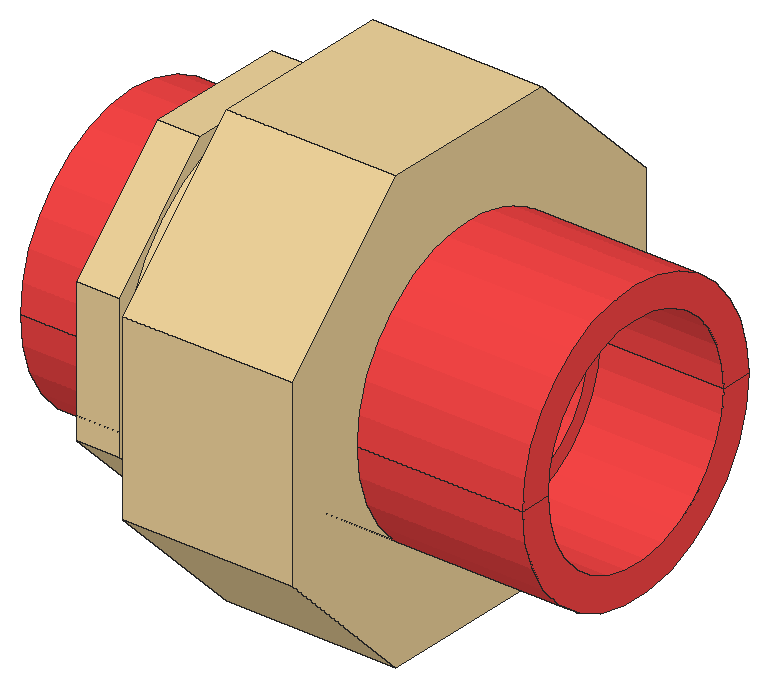
Revit family "Aquatherm_Муфтовое резьбовое соединение B1", category Соединительные детали трубопроводов, Revit 2019
Family settings
  Размер круглого соединителя = Использовать диаметр
  Тип детали = Соединение
  На основе рабочей плоскости = Нет
  Всегда вертикально = Да
  При загрузке вырезать с полостями = Нет
  Общий = Нет
Parameters
  Материал_Корпус = AquaTherm red pipe
  Материал_Корпус_2 = AquaTherm латунь pipe
  z1 [instance] = z / 3 * 2  # 12.333 mm
  z [instance] = size_lookup("Муфтовое резьбовое соединение", "z", 18 mm, d)  # 18.5 mm
  URL = "www.agpipe.ru"
  l [instance] = size_lookup("Муфтовое резьбовое соединение", "l", 18 mm, d)  # 36.5 mm
  d [instance] = 32 mm
  SW2 [instance] = size_lookup("Муфтовое резьбовое соединение", "SW2", 18 mm, d)  # 50 mm
  SW1 [instance] = size_lookup("Муфтовое резьбовое соединение", "SW1", 18 mm, d)  # 64 mm
  D1 [instance] = D * 2  # 82 mm
  D [instance] = size_lookup("Муфтовое резьбовое соединение", "D", 18 mm, d)  # 41 mm
  ADSK_Примечание = ""
  ADSK_Позиция [instance] = ""
  ADSK_Обозначение [instance] = ""
  ADSK_Наименование [instance] = size_lookup("Муфтовое резьбовое соединение", "ADSK_Наименование", "Нет в каталоге", d)  # "Муфтовое резьбовое соединение/B1 DN32"
  ADSK_Масса_Текст [instance] = size_lookup("Муфтовое резьбовое соединение", "ADSK_Масса_Текст", "Нет в каталоге", d)  # "0.498"
  ADSK_Код изделия [instance] = size_lookup("Муфтовое резьбовое соединение", "ADSK_Код изделия", "Нет в каталоге", d)  # "4115812"
  ADSK_Завод-изготовитель = "Aquatherm"  # constant formula
  ADSK_Единица измерения = "шт."  # constant formula
Reference planes
  plane 1 "По центру (Вперед/Назад)": y = 0
  plane 2: z = 0
  plane 3 "По центру (Влево/Вправо)": x = 0
  plane 4: x = 36.5
  plane 5: x = 18.5
  plane 6: x = -36.5
  plane 7: x = -18.5
  plane 8: y = 16
  plane 9: y = -16
  plane 10: y = 20.5
  plane 11: y = -20.5
  plane 12: x = 12.333
  plane 13: x = -12.333
  plane 14: x = -24.667
Forms (mm)
  Revolve 1, solid, material "AquaTherm red pipe" <- "Материал_Корпус"
    sketch origin (0, 0, 0) x (1, 0, 0) y (0, 1, 0)
      loop
        line (-36.5, 20.5) -> (-36.5, 16) -> (-18.5, 16) -> (-18.5, 14) -> (18.5, 14) -> (18.5, 16) -> (36.5, 16) -> (36.5, 20.5) -> (-36.5, 20.5)
      axis (-36.5, 0) -> (36.5, 0)
    angle from 0 to 360
  Extrusion 2, solid, material "AquaTherm латунь pipe" <- "Материал_Корпус_2"
    sketch origin (0, 0, 0) x (0, 1, 0) y (0, 0, 1)
      loop
        line (-13.255, 32) -> (-32, 13.255) -> (-32, -13.255) -> (-13.255, -32) -> (13.255, -32) -> (32, -13.255) -> (32, 13.255) -> (13.255, 32) -> (-13.255, 32)
      loop
        circle (0, 0) r 20.5
    from -12.333 to 12.333
  Extrusion 3, solid, material "AquaTherm латунь pipe" <- "Материал_Корпус_2"
    sketch origin (0, 0, 0) x (0, 1, 0) y (0, 0, 1)
      loop
        line (-10.355, 25) -> (-25, 10.355) -> (-25, -10.355) -> (-10.355, -25) -> (10.355, -25) -> (25, -10.355) -> (25, 10.355) -> (10.355, 25) -> (-10.355, 25)
      loop
        circle (0, 0) r 20.5
    from -24.667 to -18.5
  Extrusion 4, solid, material "AquaTherm латунь pipe" <- "Материал_Корпус_2"
    sketch origin (0, 0, 0) x (0, 1, 0) y (0, 0, 1)
      loop
        circle (0, 0) r 24.5
      loop
        circle (0, 0) r 20.5
    from -18.5 to -12.333
Lines and regions (mm)
  reference lines
    curve 1: line (-18.5, 0, 0) -> (18.5, 0, 0)
Dimensions and locks
  "z": plane 3 "По центру (Влево/Вправо)" to plane 5
  "z": plane 7 to plane 3 "По центру (Влево/Вправо)"
  "l": plane 6 to plane 3 "По центру (Влево/Вправо)"
  "l": plane 3 "По центру (Влево/Вправо)" to plane 4
  equal spacing: plane 8, plane 1 "По центру (Вперед/Назад)", plane 9
  "d": plane 8 to plane 9
  equal spacing: plane 11, plane 1 "По центру (Вперед/Назад)", plane 10
  "D": plane 11 to plane 10
  locked: plane 8 to Revolve 1 sketch curve at 2
  equal spacing: Extrusion 2 sketch curve, level, Extrusion 2 sketch curve
  "SW1": Extrusion 2 sketch curve to Extrusion 2 sketch curve  (x4)
  equal spacing: Extrusion 2 sketch curve, plane 1 "По центру (Вперед/Назад)", Extrusion 2 sketch curve  (x3)
  "z1": plane 13 to plane 3 "По центру (Влево/Вправо)"
  "z1": plane 3 "По центру (Влево/Вправо)" to plane 12
  equal spacing: Extrusion 3 sketch curve, level, Extrusion 3 sketch curve
  "SW2": Extrusion 3 sketch curve to Extrusion 3 sketch curve  (x4)
  equal spacing: Extrusion 3 sketch curve, plane 1 "По центру (Вперед/Назад)", Extrusion 3 sketch curve  (x3)
  "z1": plane 14 to plane 13
  "D": diameter of Extrusion 2 sketch curve
  "D": diameter of Extrusion 3 sketch curve
  diameter of Extrusion 4 sketch curve = 49 mm
  "D": diameter of Extrusion 4 sketch curve
  locked: Extrusion 2 sketch curve to Extrusion 2 sketch curve (angle 135.00°)  (x4)
  angle Extrusion 3 sketch curve to Extrusion 3 sketch curve = 135.00°
  locked: Extrusion 3 sketch curve to Extrusion 3 sketch curve (angle 135.00°)  (x3)
  aligned and locked: level to plane 2
  aligned and locked: Revolve 1 sketch curve to plane 6
  aligned and locked: plane 10 to Revolve 1 sketch curve
  aligned and locked: plane 8 to Revolve 1 sketch curve  (x2)
  aligned and locked: Revolve 1 sketch curve to plane 7
  aligned and locked: Revolve 1 sketch curve to plane 4
  aligned and locked: Revolve 1 sketch curve to plane 5
  aligned and locked: Extrusion 3 to plane 14
  aligned and locked: plane 7 to Extrusion 4
  aligned and locked: Extrusion 4 to plane 13
  aligned and locked: plane 5 to curve 1
  aligned and locked: plane 7 to curve 1
Automatic sketch dimensions
  plane 1 "По центру (Вперед/Назад)" to curve 1 = 0 mm
  plane 1 "По центру (Вперед/Назад)" to Revolve 1 sketch curve = 0 mm
  plane 6 to Revolve 1 sketch curve = 30 mm
  plane 4 to Revolve 1 sketch curve = 77 mm
  Extrusion 2 sketch curve to level = 0 mm
  Extrusion 2 sketch curve to plane 1 "По центру (Вперед/Назад)" = 0 mm
  Extrusion 3 sketch curve to level = 0 mm
  Extrusion 3 sketch curve to plane 1 "По центру (Вперед/Назад)" = 0 mm
  Extrusion 4 sketch curve to Extrusion 4 sketch curve = 0 mm  (x2)
  Extrusion 4 sketch curve to level = 0 mm
  Extrusion 4 sketch curve to plane 1 "По центру (Вперед/Назад)" = 0 mm
Connectors
  piping at (-18.5, 0, 0), diameter 32, driven by "d"
    settings: on curve 1, index 1, connector inside diameter 609.6 mm, connector length 0 mm, flow factor 0, pipe flow 0.0 L/s, pressure drop 0.0 Pa, fitting loss kfactor 0, connector angle 0.00°, fixture units 0, engagement length 0 mm, angle of deflection 0.00°, flow configuration 0, flow direction 0, fitting loss method 0, system type 28, joint type 0, gender type 0, connector reference index 2, connector utility 0, adjustable connector no, is connector primary yes, connector description ""
  piping at (18.5, 0, 0), diameter 32, driven by "d"
    settings: on curve 1, index 2, connector inside diameter 609.6 mm, connector length 0 mm, flow factor 0, pipe flow 0.0 L/s, pressure drop 0.0 Pa, fitting loss kfactor 0, connector angle 0.00°, fixture units 0, engagement length 0 mm, angle of deflection 0.00°, flow configuration 0, flow direction 0, fitting loss method 0, system type 28, joint type 0, gender type 0, connector reference index 1, connector utility 0, adjustable connector no, is connector primary no, connector description ""
